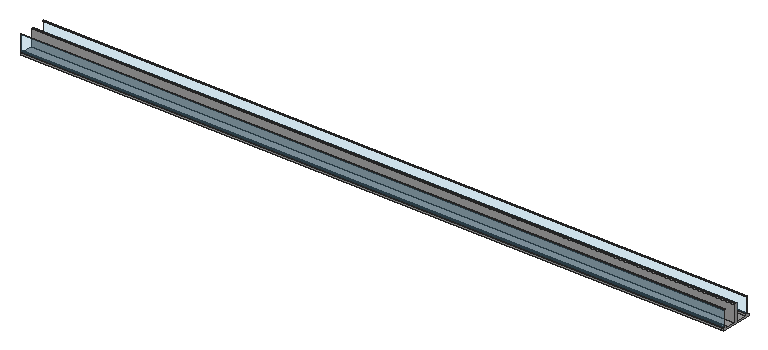
Revit family "LSM4421", category Luminarias, Revit 2019
Family settings
  Cota de conector redondo = Diámetro de uso
  Tipo de pieza = Normal
  Se basa en plano de trabajo = Sí
  Siempre vertical = No
  Corte con vacíos al cargar = No
  Origen de luz = No
  Compartido = Sí
  Punto de cálculo de habitación = No
Parameters (values of type "PERFIL_LSM4421")
  Tapa Final LSM-4423 = 1
  Keynote = ""
  Modelo = "LSM4421"
  Lamp = ""
  Longitud = 1000 mm
  Fabricante = "BRILLANT"
  Default Elevation = 1219.2 mm
  Difusor LSM-4422 = (Longitud / 1000 mm) * (1)  # 1
  Descripción = "PERFIL DE ALUMINIO CON DIFUSOR LECHOSO, PARA ALOJAR DOS TIRAS LUMINOSAS DE HASTA 23.15MM DE ANCHO. INSTALACION SOBRE SUPERFICIES PARA CONTORNEAR MUROS, PERFIL DE CLIP MONTADO. IDEAL PARA ATENUAR EL BRILLO E INCORPORAR LA LUZ AL AMBIENTE.PRESENTACION DE 1 METRO, REQUEIRE ACCESORIOS COMO DIFUSOR, TAPA FINAL (CONSIDERAR 1 POR SEGMENTO DE PERFIL), CLIPS DE SUJECION LINEAL (CONSIDERAR 4 PZAS POR 1M DE PERFIL) Y CONEXIÓN LINEAL.DEMAS ACCESORIOS PARA CONTINUIDAD EN ESCUADRAS VERTICALES Y HORIZONTALES CUANTIFICADAS POR SEPARADO."
  Costo USD_LSM4421 [instance] = (Longitud / 1000 mm) * (11)  # 11
  Conexion Lineal LSM-4425 = (Longitud / 1000 mm) * (1)  # 1
  Wattage Comments = ""
  Clip de Sujecion LSM-4424 = (Longitud / 1000 mm) * (4)  # 4
Reference planes
  plane 1 "Centro (Frontal/Posterior)": y = 0
  plane 2: z = 0
  plane 3 "Centro (Izquierda/Derecha)": x = 0
  plane 4: x = -1000
Forms (mm)
  Extrusion 1, solid, material "Aluminio"
    sketch origin (37.527, 0, 32.853) x (0, 0, 1) y (0, -1, 0)
      loop
        line (-32.853, -22) -> (-30.853, -22) -> (-30.853, -20.8) -> (-31.653, -20.8) -> (-31.653, -18.516) -> (-30.321, -18.516) -> (-30.321, -19.316) -> (-29.217, -19.316) -> (-29.217, -17.316) -> (-31.653, -17.316) -> (-31.653, -2) -> (-8.503, -2) -> (-8.503, -0.8) -> (-31.653, -0.8) -> (-31.653, 0.8) -> (-8.503, 0.8) -> (-8.503, 2) -> (-31.653, 2) -> (-31.653, 17.316) -> (-29.217, 17.316) -> (-29.217, 19.316) -> (-30.321, 19.316) -> (-30.321, 18.516) -> (-31.653, 18.516) -> (-31.653, 20.8) -> (-30.853, 20.8) -> (-30.853, 22) -> (-32.853, 22) -> (-32.853, -22)
    from -1037.527 to -37.527
  Extrusion 2, solid, material "Difusor Lechoso"
    sketch origin (22.394, 0, 27.494) x (0, 0, 1) y (0, -1, 0)
      loop
        line (-26.294, -18.516) -> (-26.294, -20.316) -> (-1.813, -20.316) -> (-1.813, -18.516) -> (-3.144, -18.516) -> (-3.144, -19.316) -> (-24.963, -19.316) -> (-24.963, -18.516) -> (-26.294, -18.516)
      loop
        line (-26.294, 18.516) -> (-24.963, 18.516) -> (-24.963, 19.316) -> (-3.144, 19.316) -> (-3.144, 18.516) -> (-1.813, 18.516) -> (-1.813, 20.316) -> (-26.294, 20.316) -> (-26.294, 18.516)
    from -1022.394 to -22.394
Dimensions and locks
  "Longitud": plane 3 "Centro (Izquierda/Derecha)" to plane 4
  "Longitud": plane 4 to plane 3 "Centro (Izquierda/Derecha)"
  Extrusion 1 to Extrusion 1 = 44 mm
  Extrusion 1 to Extrusion 1 = 23.15 mm
  Extrusion 2 to Extrusion 1 = 17.316 mm
  aligned and locked: level to plane 2
  aligned and locked: plane 4 to Extrusion 1
  aligned and locked: plane 3 "Centro (Izquierda/Derecha)" to Extrusion 1
  aligned and locked: plane 4 to Extrusion 2
  aligned and locked: plane 3 "Centro (Izquierda/Derecha)" to Extrusion 2
Automatic sketch dimensions
  level to Extrusion 1 sketch curve = 0 mm
  Extrusion 1 sketch curve to Extrusion 1 sketch curve = 1.2 mm  (x8)
  Extrusion 1 sketch curve to Extrusion 1 sketch curve = 0 mm  (x4)
  Extrusion 1 sketch curve to Extrusion 1 sketch curve = 0.8 mm  (x4)
  Extrusion 1 sketch curve to Extrusion 1 sketch curve = 1.332 mm  (x2)
  Extrusion 1 sketch curve to Extrusion 1 sketch curve = 1.104 mm  (x2)
  Extrusion 1 sketch curve to Extrusion 1 sketch curve = 23.15 mm
  Extrusion 1 sketch curve to plane 1 "Centro (Frontal/Posterior)" = 22 mm
  Extrusion 1 sketch curve to Extrusion 1 sketch curve = 1.484 mm  (x2)
  Extrusion 1 sketch curve to Extrusion 1 sketch curve = 15.316 mm  (x2)
  Extrusion 1 sketch curve to Extrusion 1 sketch curve = 1.6 mm
  level to Extrusion 2 sketch curve = 1.2 mm  (x2)
  Extrusion 2 sketch curve to Extrusion 2 sketch curve = 1.332 mm  (x4)
  Extrusion 2 sketch curve to Extrusion 2 sketch curve = 21.818 mm  (x2)
  Extrusion 2 sketch curve to plane 1 "Centro (Frontal/Posterior)" = 20.316 mm
  Extrusion 2 sketch curve to Extrusion 2 sketch curve = 1 mm  (x2)
  Extrusion 2 sketch curve to Extrusion 2 sketch curve = 0.8 mm  (x3)
  plane 1 "Centro (Frontal/Posterior)" to Extrusion 2 sketch curve = 18.516 mm  (x2)
